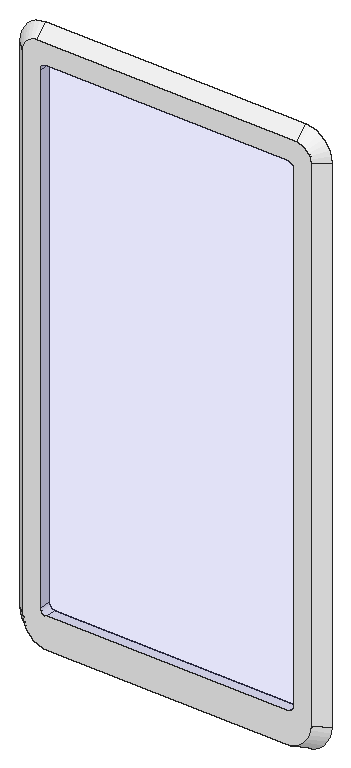
Revit family "rba-bim-rba8117-103", category Plumbing Fixtures, Revit 2018
Family settings
  Round Connector Dimension = Use Diameter
  Part Type = Normal
  Work Plane-Based = No
  Always vertical = Yes
  Cut with Voids When Loaded = No
  Shared = Yes
  Room Calculation Point = No
Parameters (values of type "RBA8117-103")
  URL = "www.rba.com.au"
  Specifier = "RBA Group"  # constant formula
  Phone Number = ""
  Modified Issue = "20210730.01"
  Mirror Background = Paint - Bobrick - Black
  Glass Material = Glass Mirror - Bobrick
  Frame Material = Stainless Steel - Bobrick - Satin
  Model = "RBA8117-103"
  Manufacturer = "RBA Group"  # constant formula
  Description = "Ligature Resistant Solid Surface Mirror"
  Copyright by = "RBA Group"  # constant formula
Reference planes
  plane 1 "Center (Front/Back)": y = 0
  plane 2: z = 0
  plane 3 "Center (Left/Right)": x = 0
Forms (mm)
  Blend 1, solid, material "Stainless Steel White"
    base sketch origin (0, 0, 0) x (1, 0, 0) y (0, 0, 1)
      loop
        arc (-228, 978) -> (-259.82, 964.82) -> (-273, 933) r 45
        line (-273, 933) -> (-273, 45)
        arc (-273, 45) -> (-259.82, 13.18) -> (-228, 0) r 45
        line (-228, 0) -> (228, 0)
        arc (228, 0) -> (259.82, 13.18) -> (273, 45) r 45
        line (273, 45) -> (273, 933)
        arc (273, 933) -> (259.82, 964.82) -> (228, 978) r 45
        line (228, 978) -> (-228, 978)
    top sketch origin (0, 0, 0) x (1, 0, 0) y (0, 0, 1)
      loop
        arc (-228, 958) -> (-245.678, 950.678) -> (-253, 933) r 25
        line (-253, 933) -> (-253, 50)
        arc (-253, 50) -> (-239.82, 18.18) -> (-208, 5) r 45
        line (-208, 5) -> (208, 5)
        arc (208, 5) -> (239.82, 18.18) -> (253, 50) r 45
        line (253, 50) -> (253, 933)
        arc (253, 933) -> (245.678, 950.678) -> (228, 958) r 25
        line (228, 958) -> (-228, 958)
    from 0 to 19
  Extrusion 2, void
    sketch origin (0, 0, 0) x (1, 0, 0) y (0, 0, 1)
      loop
        arc (-222, 69) -> (-219.071, 61.929) -> (-212, 59) r 10
        line (-212, 59) -> (212, 59)
        arc (212, 59) -> (219.071, 61.929) -> (222, 69) r 10
        line (222, 69) -> (222, 914)
        arc (222, 914) -> (219.071, 921.071) -> (212, 924) r 10
        line (212, 924) -> (-212, 924)
        arc (-212, 924) -> (-219.071, 921.071) -> (-222, 914) r 10
        line (-222, 914) -> (-222, 69)
    from 0 to 19
  Extrusion 3, solid, material "Glass Mirror - Bobrick"
    sketch origin (0, 0, 0) x (1, 0, 0) y (0, 0, 1)
      loop
        line (212, 924) -> (-212, 924)
        arc (-212, 924) -> (-219.071, 921.071) -> (-222, 914) r 10
        line (-222, 914) -> (-222, 69)
        arc (-222, 69) -> (-219.071, 61.929) -> (-212, 59) r 10
        line (-212, 59) -> (212, 59)
        arc (212, 59) -> (219.071, 61.929) -> (222, 69) r 10
        line (222, 69) -> (222, 914)
        arc (222, 914) -> (219.071, 921.071) -> (212, 924) r 10
    from 0 to 19
Cuts and joins
  Extrusion 2 cuts Blend 1
